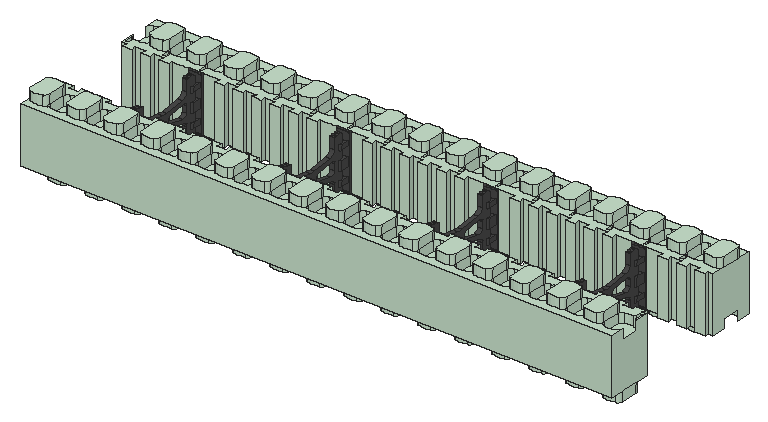
Revit family
Reference planes (in)
  plane 1 "Center (Front/Back)": y = 0
  plane 2: z = 0
  plane 3 "Center (Left/Right)": x = 0
  plane 4: y = 2.625
  plane 5: x = 32
  plane 6: z = 3
  plane 7: y = 6.625
  plane 8: y = 9.25
Forms (in)
  Extrusion 1, solid, material "NUDURA Expanded Polystyrene Foam Insulation"
    sketch origin (0, 0, 0) x (1, 0, 0) y (0, 1, 0)
      loop
        line (0, 2.375) -> (0, 0) -> (32, 0) -> (32, 2.375) -> (31.71883, 2.375) -> (31.78117, 2.625) -> (31.21883, 2.625) -> (31.28117, 2.375) -> (30.71883, 2.375) -> (30.78117, 2.625) -> (30.21883, 2.625) -> (30.28117, 2.375) -> (29.71883, 2.375) -> (29.78117, 2.625) -> (29.21883, 2.625) -> (29.28117, 2.375) -> (26.71883, 2.375) -> (26.78117, 2.625) -> (26.21883, 2.625) -> (26.28117, 2.375) -> (25.71883, 2.375) -> (25.78117, 2.625) -> (25.21883, 2.625) -> (25.28117, 2.375) -> (24.71883, 2.375) -> (24.78117, 2.625) -> (24.21883, 2.625) -> (24.28117, 2.375) -> (23.71883, 2.375) -> (23.78117, 2.625) -> (23.21883, 2.625) -> (23.28117, 2.375) -> (22.71883, 2.375) -> (22.78117, 2.625) -> (22.21883, 2.625) -> (22.28117, 2.375) -> (21.71883, 2.375) -> (21.78117, 2.625) -> (21.21883, 2.625) -> (21.28117, 2.375) -> (18.71883, 2.375) -> (18.78117, 2.625) -> (18.21883, 2.625) -> (18.28117, 2.375) -> (17.71883, 2.375) -> (17.78117, 2.625) -> (17.21883, 2.625) -> (17.28117, 2.375) -> (16.71883, 2.375) -> (16.78117, 2.625) -> (16.21883, 2.625) -> (16.28117, 2.375) -> (15.71883, 2.375) -> (15.78117, 2.625) -> (15.21883, 2.625) -> (15.28117, 2.375) -> (14.71883, 2.375) -> (14.78117, 2.625) -> (14.21883, 2.625) -> (14.28117, 2.375) -> (13.71883, 2.375) -> (13.78117, 2.625) -> (13.21883, 2.625) -> (13.28117, 2.375) -> (10.71883, 2.375) -> (10.78117, 2.625) -> (10.21883, 2.625) -> (10.28117, 2.375) -> (9.71883, 2.375) -> (9.78117, 2.625) -> (9.21883, 2.625) -> (9.28117, 2.375) -> (8.71883, 2.375) -> (8.78117, 2.625) -> (8.21883, 2.625) -> (8.28117, 2.375) -> (7.71883, 2.375) -> (7.78117, 2.625) -> (7.21883, 2.625) -> (7.28117, 2.375) -> (6.71883, 2.375) -> (6.78117, 2.625) -> (6.21883, 2.625) -> (6.28117, 2.375) -> (5.71883, 2.375) -> (5.78117, 2.625) -> (5.21883, 2.625) -> (5.28117, 2.375) -> (2.71883, 2.375) -> (2.78117, 2.625) -> (2.21883, 2.625) -> (2.28117, 2.375) -> (1.71883, 2.375) -> (1.78117, 2.625) -> (1.21883, 2.625) -> (1.28117, 2.375) -> (0.71883, 2.375) -> (0.78117, 2.625) -> (0.21883, 2.625) -> (0.28117, 2.375) -> (0, 2.375)
      loop
        line (0, 6.875) -> (0.28117, 6.875) -> (0.21883, 6.625) -> (0.78117, 6.625) -> (0.71883, 6.875) -> (1.28117, 6.875) -> (1.21883, 6.625) -> (1.78117, 6.625) -> (1.71883, 6.875) -> (2.28117, 6.875) -> (2.21883, 6.625) -> (2.78117, 6.625) -> (2.71883, 6.875) -> (5.28117, 6.875) -> (5.21883, 6.625) -> (5.78117, 6.625) -> (5.71883, 6.875) -> (6.28117, 6.875) -> (6.21883, 6.625) -> (6.78117, 6.625) -> (6.71883, 6.875) -> (7.28117, 6.875) -> (7.21883, 6.625) -> (7.78117, 6.625) -> (7.71883, 6.875) -> (8.28117, 6.875) -> (8.21883, 6.625) -> (8.78117, 6.625) -> (8.71883, 6.875) -> (9.28117, 6.875) -> (9.21883, 6.625) -> (9.78117, 6.625) -> (9.71883, 6.875) -> (10.28117, 6.875) -> (10.21883, 6.625) -> (10.78117, 6.625) -> (10.71883, 6.875) -> (13.28117, 6.875) -> (13.21883, 6.625) -> (13.78117, 6.625) -> (13.71883, 6.875) -> (14.28117, 6.875) -> (14.21883, 6.625) -> (14.78117, 6.625) -> (14.71883, 6.875) -> (15.28117, 6.875) -> (15.21883, 6.625) -> (15.78117, 6.625) -> (15.71883, 6.875) -> (16.28117, 6.875) -> (16.21883, 6.625) -> (16.78117, 6.625) -> (16.71883, 6.875) -> (17.28117, 6.875) -> (17.21883, 6.625) -> (17.78117, 6.625) -> (17.71883, 6.875) -> (18.28117, 6.875) -> (18.21883, 6.625) -> (18.78117, 6.625) -> (18.71883, 6.875) -> (21.28117, 6.875) -> (21.21883, 6.625) -> (21.78117, 6.625) -> (21.71883, 6.875) -> (22.28117, 6.875) -> (22.21883, 6.625) -> (22.78117, 6.625) -> (22.71883, 6.875) -> (23.28117, 6.875) -> (23.21883, 6.625) -> (23.78117, 6.625) -> (23.71883, 6.875) -> (24.28117, 6.875) -> (24.21883, 6.625) -> (24.78117, 6.625) -> (24.71883, 6.875) -> (25.28117, 6.875) -> (25.21883, 6.625) -> (25.78117, 6.625) -> (25.71883, 6.875) -> (26.28117, 6.875) -> (26.21883, 6.625) -> (26.78117, 6.625) -> (26.71883, 6.875) -> (29.28117, 6.875) -> (29.21883, 6.625) -> (29.78117, 6.625) -> (29.71883, 6.875) -> (30.28117, 6.875) -> (30.21883, 6.625) -> (30.78117, 6.625) -> (30.71883, 6.875) -> (31.28117, 6.875) -> (31.21883, 6.625) -> (31.78117, 6.625) -> (31.71883, 6.875) -> (32, 6.875) -> (32, 9.25) -> (0, 9.25) -> (0, 6.875)
    from 0 to 3
  Extrusion 2, void
    sketch origin (0, 0, 0) x (1, 0, 0) y (0, 1, 0)
      loop
        line (1.74592, 2.20655) -> (1.74592, 1.98495)
        arc (1.74592, 1.98495) -> (1.72385, 1.93729) -> (1.67323, 1.92328) r 0.0625
        arc (1.67323, 1.92328) -> (1.42092, 1.93455) -> (1.17308, 1.88595) r 1.0625
        arc (1.17308, 1.88595) -> (1.04785, 1.79517) -> (1, 1.64808) r 0.25
        line (1, 1.64808) -> (1, 0.72692)
        arc (1, 0.72692) -> (1.04785, 0.57983) -> (1.17308, 0.48905) r 0.25
        arc (1.17308, 0.48905) -> (1.5, 0.4375) -> (1.82692, 0.48905) r 1.0625
        arc (1.82692, 0.48905) -> (1.95215, 0.57983) -> (2, 0.72692) r 0.25
        line (2, 0.72692) -> (2, 1.64808)
        arc (2, 1.64808) -> (1.98276, 1.73932) -> (1.9334, 1.81798) r 0.25
        arc (1.9334, 1.81798) -> (1.92106, 1.83764) -> (1.91675, 1.86045) r 0.0625
        line (1.91675, 1.86045) -> (1.91675, 2.20655) -> (1.74592, 2.20655)
    from 3 to 2.5
  Extrusion 3, void
    sketch origin (2, 0, 0) x (1, 0, 0) y (0, 1, 0)
      loop
        line (1.74592, 2.20655) -> (1.74592, 1.98495)
        arc (1.74592, 1.98495) -> (1.72385, 1.93729) -> (1.67323, 1.92328) r 0.0625
        arc (1.67323, 1.92328) -> (1.42092, 1.93455) -> (1.17308, 1.88595) r 1.0625
        arc (1.17308, 1.88595) -> (1.04785, 1.79517) -> (1, 1.64808) r 0.25
        line (1, 1.64808) -> (1, 0.72692)
        arc (1, 0.72692) -> (1.04785, 0.57983) -> (1.17308, 0.48905) r 0.25
        arc (1.17308, 0.48905) -> (1.5, 0.4375) -> (1.82692, 0.48905) r 1.0625
        arc (1.82692, 0.48905) -> (1.95215, 0.57983) -> (2, 0.72692) r 0.25
        line (2, 0.72692) -> (2, 1.64808)
        arc (2, 1.64808) -> (1.98276, 1.73932) -> (1.9334, 1.81798) r 0.25
        arc (1.9334, 1.81798) -> (1.92106, 1.83764) -> (1.91675, 1.86045) r 0.0625
        line (1.91675, 1.86045) -> (1.91675, 2.20655) -> (1.74592, 2.20655)
    from 3 to 2.5
  Extrusion 4, void
    sketch origin (4, 0, 0) x (1, 0, 0) y (0, 1, 0)
      loop
        line (1.74592, 2.20655) -> (1.74592, 1.98495)
        arc (1.74592, 1.98495) -> (1.72385, 1.93729) -> (1.67323, 1.92328) r 0.0625
        arc (1.67323, 1.92328) -> (1.42092, 1.93455) -> (1.17308, 1.88595) r 1.0625
        arc (1.17308, 1.88595) -> (1.04785, 1.79517) -> (1, 1.64808) r 0.25
        line (1, 1.64808) -> (1, 0.72692)
        arc (1, 0.72692) -> (1.04785, 0.57983) -> (1.17308, 0.48905) r 0.25
        arc (1.17308, 0.48905) -> (1.5, 0.4375) -> (1.82692, 0.48905) r 1.0625
        arc (1.82692, 0.48905) -> (1.95215, 0.57983) -> (2, 0.72692) r 0.25
        line (2, 0.72692) -> (2, 1.64808)
        arc (2, 1.64808) -> (1.98276, 1.73932) -> (1.9334, 1.81798) r 0.25
        arc (1.9334, 1.81798) -> (1.92106, 1.83764) -> (1.91675, 1.86045) r 0.0625
        line (1.91675, 1.86045) -> (1.91675, 2.20655) -> (1.74592, 2.20655)
    from 3 to 2.5
  Extrusion 5, void
    sketch origin (6, 0, 0) x (1, 0, 0) y (0, 1, 0)
      loop
        line (1.74592, 2.20655) -> (1.74592, 1.98495)
        arc (1.74592, 1.98495) -> (1.72385, 1.93729) -> (1.67323, 1.92328) r 0.0625
        arc (1.67323, 1.92328) -> (1.42092, 1.93455) -> (1.17308, 1.88595) r 1.0625
        arc (1.17308, 1.88595) -> (1.04785, 1.79517) -> (1, 1.64808) r 0.25
        line (1, 1.64808) -> (1, 0.72692)
        arc (1, 0.72692) -> (1.04785, 0.57983) -> (1.17308, 0.48905) r 0.25
        arc (1.17308, 0.48905) -> (1.5, 0.4375) -> (1.82692, 0.48905) r 1.0625
        arc (1.82692, 0.48905) -> (1.95215, 0.57983) -> (2, 0.72692) r 0.25
        line (2, 0.72692) -> (2, 1.64808)
        arc (2, 1.64808) -> (1.98276, 1.73932) -> (1.9334, 1.81798) r 0.25
        arc (1.9334, 1.81798) -> (1.92106, 1.83764) -> (1.91675, 1.86045) r 0.0625
        line (1.91675, 1.86045) -> (1.91675, 2.20655) -> (1.74592, 2.20655)
    from 3 to 2.5
  Extrusion 6, void
    sketch origin (8, 0, 0) x (1, 0, 0) y (0, 1, 0)
      loop
        line (1.74592, 2.20655) -> (1.74592, 1.98495)
        arc (1.74592, 1.98495) -> (1.72385, 1.93729) -> (1.67323, 1.92328) r 0.0625
        arc (1.67323, 1.92328) -> (1.42092, 1.93455) -> (1.17308, 1.88595) r 1.0625
        arc (1.17308, 1.88595) -> (1.04785, 1.79517) -> (1, 1.64808) r 0.25
        line (1, 1.64808) -> (1, 0.72692)
        arc (1, 0.72692) -> (1.04785, 0.57983) -> (1.17308, 0.48905) r 0.25
        arc (1.17308, 0.48905) -> (1.5, 0.4375) -> (1.82692, 0.48905) r 1.0625
        arc (1.82692, 0.48905) -> (1.95215, 0.57983) -> (2, 0.72692) r 0.25
        line (2, 0.72692) -> (2, 1.64808)
        arc (2, 1.64808) -> (1.98276, 1.73932) -> (1.9334, 1.81798) r 0.25
        arc (1.9334, 1.81798) -> (1.92106, 1.83764) -> (1.91675, 1.86045) r 0.0625
        line (1.91675, 1.86045) -> (1.91675, 2.20655) -> (1.74592, 2.20655)
    from 3 to 2.5
  Extrusion 7, void
    sketch origin (10, 0, 0) x (1, 0, 0) y (0, 1, 0)
      loop
        line (1.74592, 2.20655) -> (1.74592, 1.98495)
        arc (1.74592, 1.98495) -> (1.72385, 1.93729) -> (1.67323, 1.92328) r 0.0625
        arc (1.67323, 1.92328) -> (1.42092, 1.93455) -> (1.17308, 1.88595) r 1.0625
        arc (1.17308, 1.88595) -> (1.04785, 1.79517) -> (1, 1.64808) r 0.25
        line (1, 1.64808) -> (1, 0.72692)
        arc (1, 0.72692) -> (1.04785, 0.57983) -> (1.17308, 0.48905) r 0.25
        arc (1.17308, 0.48905) -> (1.5, 0.4375) -> (1.82692, 0.48905) r 1.0625
        arc (1.82692, 0.48905) -> (1.95215, 0.57983) -> (2, 0.72692) r 0.25
        line (2, 0.72692) -> (2, 1.64808)
        arc (2, 1.64808) -> (1.98276, 1.73932) -> (1.9334, 1.81798) r 0.25
        arc (1.9334, 1.81798) -> (1.92106, 1.83764) -> (1.91675, 1.86045) r 0.0625
        line (1.91675, 1.86045) -> (1.91675, 2.20655) -> (1.74592, 2.20655)
    from 3 to 2.5
  Extrusion 8, void
    sketch origin (12, 0, 0) x (1, 0, 0) y (0, 1, 0)
      loop
        line (1.74592, 2.20655) -> (1.74592, 1.98495)
        arc (1.74592, 1.98495) -> (1.72385, 1.93729) -> (1.67323, 1.92328) r 0.0625
        arc (1.67323, 1.92328) -> (1.42092, 1.93455) -> (1.17308, 1.88595) r 1.0625
        arc (1.17308, 1.88595) -> (1.04785, 1.79517) -> (1, 1.64808) r 0.25
        line (1, 1.64808) -> (1, 0.72692)
        arc (1, 0.72692) -> (1.04785, 0.57983) -> (1.17308, 0.48905) r 0.25
        arc (1.17308, 0.48905) -> (1.5, 0.4375) -> (1.82692, 0.48905) r 1.0625
        arc (1.82692, 0.48905) -> (1.95215, 0.57983) -> (2, 0.72692) r 0.25
        line (2, 0.72692) -> (2, 1.64808)
        arc (2, 1.64808) -> (1.98276, 1.73932) -> (1.9334, 1.81798) r 0.25
        arc (1.9334, 1.81798) -> (1.92106, 1.83764) -> (1.91675, 1.86045) r 0.0625
        line (1.91675, 1.86045) -> (1.91675, 2.20655) -> (1.74592, 2.20655)
    from 3 to 2.5
  Extrusion 9, void
    sketch origin (14, 0, 0) x (1, 0, 0) y (0, 1, 0)
      loop
        line (1.74592, 2.20655) -> (1.74592, 1.98495)
        arc (1.74592, 1.98495) -> (1.72385, 1.93729) -> (1.67323, 1.92328) r 0.0625
        arc (1.67323, 1.92328) -> (1.42092, 1.93455) -> (1.17308, 1.88595) r 1.0625
        arc (1.17308, 1.88595) -> (1.04785, 1.79517) -> (1, 1.64808) r 0.25
        line (1, 1.64808) -> (1, 0.72692)
        arc (1, 0.72692) -> (1.04785, 0.57983) -> (1.17308, 0.48905) r 0.25
        arc (1.17308, 0.48905) -> (1.5, 0.4375) -> (1.82692, 0.48905) r 1.0625
        arc (1.82692, 0.48905) -> (1.95215, 0.57983) -> (2, 0.72692) r 0.25
        line (2, 0.72692) -> (2, 1.64808)
        arc (2, 1.64808) -> (1.98276, 1.73932) -> (1.9334, 1.81798) r 0.25
        arc (1.9334, 1.81798) -> (1.92106, 1.83764) -> (1.91675, 1.86045) r 0.0625
        line (1.91675, 1.86045) -> (1.91675, 2.20655) -> (1.74592, 2.20655)
    from 3 to 2.5
  Extrusion 10, void
    sketch origin (16, 0, 0) x (1, 0, 0) y (0, 1, 0)
      loop
        line (1.74592, 2.20655) -> (1.74592, 1.98495)
        arc (1.74592, 1.98495) -> (1.72385, 1.93729) -> (1.67323, 1.92328) r 0.0625
        arc (1.67323, 1.92328) -> (1.42092, 1.93455) -> (1.17308, 1.88595) r 1.0625
        arc (1.17308, 1.88595) -> (1.04785, 1.79517) -> (1, 1.64808) r 0.25
        line (1, 1.64808) -> (1, 0.72692)
        arc (1, 0.72692) -> (1.04785, 0.57983) -> (1.17308, 0.48905) r 0.25
        arc (1.17308, 0.48905) -> (1.5, 0.4375) -> (1.82692, 0.48905) r 1.0625
        arc (1.82692, 0.48905) -> (1.95215, 0.57983) -> (2, 0.72692) r 0.25
        line (2, 0.72692) -> (2, 1.64808)
        arc (2, 1.64808) -> (1.98276, 1.73932) -> (1.9334, 1.81798) r 0.25
        arc (1.9334, 1.81798) -> (1.92106, 1.83764) -> (1.91675, 1.86045) r 0.0625
        line (1.91675, 1.86045) -> (1.91675, 2.20655) -> (1.74592, 2.20655)
    from 3 to 2.5
  Extrusion 11, void
    sketch origin (18, 0, 0) x (1, 0, 0) y (0, 1, 0)
      loop
        line (1.74592, 2.20655) -> (1.74592, 1.98495)
        arc (1.74592, 1.98495) -> (1.72385, 1.93729) -> (1.67323, 1.92328) r 0.0625
        arc (1.67323, 1.92328) -> (1.42092, 1.93455) -> (1.17308, 1.88595) r 1.0625
        arc (1.17308, 1.88595) -> (1.04785, 1.79517) -> (1, 1.64808) r 0.25
        line (1, 1.64808) -> (1, 0.72692)
        arc (1, 0.72692) -> (1.04785, 0.57983) -> (1.17308, 0.48905) r 0.25
        arc (1.17308, 0.48905) -> (1.5, 0.4375) -> (1.82692, 0.48905) r 1.0625
        arc (1.82692, 0.48905) -> (1.95215, 0.57983) -> (2, 0.72692) r 0.25
        line (2, 0.72692) -> (2, 1.64808)
        arc (2, 1.64808) -> (1.98276, 1.73932) -> (1.9334, 1.81798) r 0.25
        arc (1.9334, 1.81798) -> (1.92106, 1.83764) -> (1.91675, 1.86045) r 0.0625
        line (1.91675, 1.86045) -> (1.91675, 2.20655) -> (1.74592, 2.20655)
    from 3 to 2.5
  Extrusion 12, void
    sketch origin (20, 0, 0) x (1, 0, 0) y (0, 1, 0)
      loop
        line (1.74592, 2.20655) -> (1.74592, 1.98495)
        arc (1.74592, 1.98495) -> (1.72385, 1.93729) -> (1.67323, 1.92328) r 0.0625
        arc (1.67323, 1.92328) -> (1.42092, 1.93455) -> (1.17308, 1.88595) r 1.0625
        arc (1.17308, 1.88595) -> (1.04785, 1.79517) -> (1, 1.64808) r 0.25
        line (1, 1.64808) -> (1, 0.72692)
        arc (1, 0.72692) -> (1.04785, 0.57983) -> (1.17308, 0.48905) r 0.25
        arc (1.17308, 0.48905) -> (1.5, 0.4375) -> (1.82692, 0.48905) r 1.0625
        arc (1.82692, 0.48905) -> (1.95215, 0.57983) -> (2, 0.72692) r 0.25
        line (2, 0.72692) -> (2, 1.64808)
        arc (2, 1.64808) -> (1.98276, 1.73932) -> (1.9334, 1.81798) r 0.25
        arc (1.9334, 1.81798) -> (1.92106, 1.83764) -> (1.91675, 1.86045) r 0.0625
        line (1.91675, 1.86045) -> (1.91675, 2.20655) -> (1.74592, 2.20655)
    from 3 to 2.5
  Extrusion 13, void
    sketch origin (22, 0, 0) x (1, 0, 0) y (0, 1, 0)
      loop
        line (1.74592, 2.20655) -> (1.74592, 1.98495)
        arc (1.74592, 1.98495) -> (1.72385, 1.93729) -> (1.67323, 1.92328) r 0.0625
        arc (1.67323, 1.92328) -> (1.42092, 1.93455) -> (1.17308, 1.88595) r 1.0625
        arc (1.17308, 1.88595) -> (1.04785, 1.79517) -> (1, 1.64808) r 0.25
        line (1, 1.64808) -> (1, 0.72692)
        arc (1, 0.72692) -> (1.04785, 0.57983) -> (1.17308, 0.48905) r 0.25
        arc (1.17308, 0.48905) -> (1.5, 0.4375) -> (1.82692, 0.48905) r 1.0625
        arc (1.82692, 0.48905) -> (1.95215, 0.57983) -> (2, 0.72692) r 0.25
        line (2, 0.72692) -> (2, 1.64808)
        arc (2, 1.64808) -> (1.98276, 1.73932) -> (1.9334, 1.81798) r 0.25
        arc (1.9334, 1.81798) -> (1.92106, 1.83764) -> (1.91675, 1.86045) r 0.0625
        line (1.91675, 1.86045) -> (1.91675, 2.20655) -> (1.74592, 2.20655)
    from 3 to 2.5
  Extrusion 14, void
    sketch origin (24, 0, 0) x (1, 0, 0) y (0, 1, 0)
      loop
        line (1.74592, 2.20655) -> (1.74592, 1.98495)
        arc (1.74592, 1.98495) -> (1.72385, 1.93729) -> (1.67323, 1.92328) r 0.0625
        arc (1.67323, 1.92328) -> (1.42092, 1.93455) -> (1.17308, 1.88595) r 1.0625
        arc (1.17308, 1.88595) -> (1.04785, 1.79517) -> (1, 1.64808) r 0.25
        line (1, 1.64808) -> (1, 0.72692)
        arc (1, 0.72692) -> (1.04785, 0.57983) -> (1.17308, 0.48905) r 0.25
        arc (1.17308, 0.48905) -> (1.5, 0.4375) -> (1.82692, 0.48905) r 1.0625
        arc (1.82692, 0.48905) -> (1.95215, 0.57983) -> (2, 0.72692) r 0.25
        line (2, 0.72692) -> (2, 1.64808)
        arc (2, 1.64808) -> (1.98276, 1.73932) -> (1.9334, 1.81798) r 0.25
        arc (1.9334, 1.81798) -> (1.92106, 1.83764) -> (1.91675, 1.86045) r 0.0625
        line (1.91675, 1.86045) -> (1.91675, 2.20655) -> (1.74592, 2.20655)
    from 3 to 2.5
  Extrusion 15, void
    sketch origin (26, 0, 0) x (1, 0, 0) y (0, 1, 0)
      loop
        line (1.74592, 2.20655) -> (1.74592, 1.98495)
        arc (1.74592, 1.98495) -> (1.72385, 1.93729) -> (1.67323, 1.92328) r 0.0625
        arc (1.67323, 1.92328) -> (1.42092, 1.93455) -> (1.17308, 1.88595) r 1.0625
        arc (1.17308, 1.88595) -> (1.04785, 1.79517) -> (1, 1.64808) r 0.25
        line (1, 1.64808) -> (1, 0.72692)
        arc (1, 0.72692) -> (1.04785, 0.57983) -> (1.17308, 0.48905) r 0.25
        arc (1.17308, 0.48905) -> (1.5, 0.4375) -> (1.82692, 0.48905) r 1.0625
        arc (1.82692, 0.48905) -> (1.95215, 0.57983) -> (2, 0.72692) r 0.25
        line (2, 0.72692) -> (2, 1.64808)
        arc (2, 1.64808) -> (1.98276, 1.73932) -> (1.9334, 1.81798) r 0.25
        arc (1.9334, 1.81798) -> (1.92106, 1.83764) -> (1.91675, 1.86045) r 0.0625
        line (1.91675, 1.86045) -> (1.91675, 2.20655) -> (1.74592, 2.20655)
    from 3 to 2.5
  Extrusion 16, void
    sketch origin (28, 0, 0) x (1, 0, 0) y (0, 1, 0)
      loop
        line (1.74592, 2.20655) -> (1.74592, 1.98495)
        arc (1.74592, 1.98495) -> (1.72385, 1.93729) -> (1.67323, 1.92328) r 0.0625
        arc (1.67323, 1.92328) -> (1.42092, 1.93455) -> (1.17308, 1.88595) r 1.0625
        arc (1.17308, 1.88595) -> (1.04785, 1.79517) -> (1, 1.64808) r 0.25
        line (1, 1.64808) -> (1, 0.72692)
        arc (1, 0.72692) -> (1.04785, 0.57983) -> (1.17308, 0.48905) r 0.25
        arc (1.17308, 0.48905) -> (1.5, 0.4375) -> (1.82692, 0.48905) r 1.0625
        arc (1.82692, 0.48905) -> (1.95215, 0.57983) -> (2, 0.72692) r 0.25
        line (2, 0.72692) -> (2, 1.64808)
        arc (2, 1.64808) -> (1.98276, 1.73932) -> (1.9334, 1.81798) r 0.25
        arc (1.9334, 1.81798) -> (1.92106, 1.83764) -> (1.91675, 1.86045) r 0.0625
        line (1.91675, 1.86045) -> (1.91675, 2.20655) -> (1.74592, 2.20655)
    from 3 to 2.5
  Extrusion 17, void
    sketch origin (30, 0, 0) x (1, 0, 0) y (0, 1, 0)
      loop
        line (1.74592, 2.20655) -> (1.74592, 1.98495)
        arc (1.74592, 1.98495) -> (1.72385, 1.93729) -> (1.67323, 1.92328) r 0.0625
        arc (1.67323, 1.92328) -> (1.42092, 1.93455) -> (1.17308, 1.88595) r 1.0625
        arc (1.17308, 1.88595) -> (1.04785, 1.79517) -> (1, 1.64808) r 0.25
        line (1, 1.64808) -> (1, 0.72692)
        arc (1, 0.72692) -> (1.04785, 0.57983) -> (1.17308, 0.48905) r 0.25
        arc (1.17308, 0.48905) -> (1.5, 0.4375) -> (1.82692, 0.48905) r 1.0625
        arc (1.82692, 0.48905) -> (1.95215, 0.57983) -> (2, 0.72692) r 0.25
        line (2, 0.72692) -> (2, 1.64808)
        arc (2, 1.64808) -> (1.98276, 1.73932) -> (1.9334, 1.81798) r 0.25
        arc (1.9334, 1.81798) -> (1.92106, 1.83764) -> (1.91675, 1.86045) r 0.0625
        line (1.91675, 1.86045) -> (1.91675, 2.20655) -> (1.74592, 2.20655)
    from 3 to 2.5
  Extrusion 18, void
    sketch origin (0, 0, 0) x (1, 0, 0) y (0, 1, 0)
      loop
        line (0.25408, 2.20655) -> (0.08325, 2.20655) -> (0.08325, 1.86045)
        arc (0.08325, 1.86045) -> (0.07894, 1.83764) -> (0.0666, 1.81798) r 0.0625
        arc (0.0666, 1.81798) -> (0.01724, 1.73932) -> (0, 1.64808) r 0.25
        line (0, 1.64808) -> (0, 0.72692)
        arc (0, 0.72692) -> (0.04785, 0.57983) -> (0.17308, 0.48905) r 0.25
        arc (0.17308, 0.48905) -> (0.5, 0.4375) -> (0.82692, 0.48905) r 1.0625
        arc (0.82692, 0.48905) -> (0.95215, 0.57983) -> (1, 0.72692) r 0.25
        line (1, 0.72692) -> (1, 1.64808)
        arc (1, 1.64808) -> (0.95215, 1.79517) -> (0.82692, 1.88595) r 0.25
        arc (0.82692, 1.88595) -> (0.57908, 1.93455) -> (0.32677, 1.92328) r 1.0625
        arc (0.32677, 1.92328) -> (0.27615, 1.93729) -> (0.25408, 1.98495) r 0.0625
        line (0.25408, 1.98495) -> (0.25408, 2.20655)
    from 0 to 0.5
  Extrusion 19, void
    sketch origin (2, 0, 0) x (1, 0, 0) y (0, 1, 0)
      loop
        line (0.25408, 2.20655) -> (0.08325, 2.20655) -> (0.08325, 1.86045)
        arc (0.08325, 1.86045) -> (0.07894, 1.83764) -> (0.0666, 1.81798) r 0.0625
        arc (0.0666, 1.81798) -> (0.01724, 1.73932) -> (0, 1.64808) r 0.25
        line (0, 1.64808) -> (0, 0.72692)
        arc (0, 0.72692) -> (0.04785, 0.57983) -> (0.17308, 0.48905) r 0.25
        arc (0.17308, 0.48905) -> (0.5, 0.4375) -> (0.82692, 0.48905) r 1.0625
        arc (0.82692, 0.48905) -> (0.95215, 0.57983) -> (1, 0.72692) r 0.25
        line (1, 0.72692) -> (1, 1.64808)
        arc (1, 1.64808) -> (0.95215, 1.79517) -> (0.82692, 1.88595) r 0.25
        arc (0.82692, 1.88595) -> (0.57908, 1.93455) -> (0.32677, 1.92328) r 1.0625
        arc (0.32677, 1.92328) -> (0.27615, 1.93729) -> (0.25408, 1.98495) r 0.0625
        line (0.25408, 1.98495) -> (0.25408, 2.20655)
    from 0 to 0.5
  Extrusion 20, void
    sketch origin (4, 0, 0) x (1, 0, 0) y (0, 1, 0)
      loop
        line (0.25408, 2.20655) -> (0.08325, 2.20655) -> (0.08325, 1.86045)
        arc (0.08325, 1.86045) -> (0.07894, 1.83764) -> (0.0666, 1.81798) r 0.0625
        arc (0.0666, 1.81798) -> (0.01724, 1.73932) -> (0, 1.64808) r 0.25
        line (0, 1.64808) -> (0, 0.72692)
        arc (0, 0.72692) -> (0.04785, 0.57983) -> (0.17308, 0.48905) r 0.25
        arc (0.17308, 0.48905) -> (0.5, 0.4375) -> (0.82692, 0.48905) r 1.0625
        arc (0.82692, 0.48905) -> (0.95215, 0.57983) -> (1, 0.72692) r 0.25
        line (1, 0.72692) -> (1, 1.64808)
        arc (1, 1.64808) -> (0.95215, 1.79517) -> (0.82692, 1.88595) r 0.25
        arc (0.82692, 1.88595) -> (0.57908, 1.93455) -> (0.32677, 1.92328) r 1.0625
        arc (0.32677, 1.92328) -> (0.27615, 1.93729) -> (0.25408, 1.98495) r 0.0625
        line (0.25408, 1.98495) -> (0.25408, 2.20655)
    from 0 to 0.5
  Extrusion 21, void
    sketch origin (6, 0, 0) x (1, 0, 0) y (0, 1, 0)
      loop
        line (0.25408, 2.20655) -> (0.08325, 2.20655) -> (0.08325, 1.86045)
        arc (0.08325, 1.86045) -> (0.07894, 1.83764) -> (0.0666, 1.81798) r 0.0625
        arc (0.0666, 1.81798) -> (0.01724, 1.73932) -> (0, 1.64808) r 0.25
        line (0, 1.64808) -> (0, 0.72692)
        arc (0, 0.72692) -> (0.04785, 0.57983) -> (0.17308, 0.48905) r 0.25
        arc (0.17308, 0.48905) -> (0.5, 0.4375) -> (0.82692, 0.48905) r 1.0625
        arc (0.82692, 0.48905) -> (0.95215, 0.57983) -> (1, 0.72692) r 0.25
        line (1, 0.72692) -> (1, 1.64808)
        arc (1, 1.64808) -> (0.95215, 1.79517) -> (0.82692, 1.88595) r 0.25
        arc (0.82692, 1.88595) -> (0.57908, 1.93455) -> (0.32677, 1.92328) r 1.0625
        arc (0.32677, 1.92328) -> (0.27615, 1.93729) -> (0.25408, 1.98495) r 0.0625
        line (0.25408, 1.98495) -> (0.25408, 2.20655)
    from 0 to 0.5
  Extrusion 22, void
    sketch origin (8, 0, 0) x (1, 0, 0) y (0, 1, 0)
      loop
        line (0.25408, 2.20655) -> (0.08325, 2.20655) -> (0.08325, 1.86045)
        arc (0.08325, 1.86045) -> (0.07894, 1.83764) -> (0.0666, 1.81798) r 0.0625
        arc (0.0666, 1.81798) -> (0.01724, 1.73932) -> (0, 1.64808) r 0.25
        line (0, 1.64808) -> (0, 0.72692)
        arc (0, 0.72692) -> (0.04785, 0.57983) -> (0.17308, 0.48905) r 0.25
        arc (0.17308, 0.48905) -> (0.5, 0.4375) -> (0.82692, 0.48905) r 1.0625
        arc (0.82692, 0.48905) -> (0.95215, 0.57983) -> (1, 0.72692) r 0.25
        line (1, 0.72692) -> (1, 1.64808)
        arc (1, 1.64808) -> (0.95215, 1.79517) -> (0.82692, 1.88595) r 0.25
        arc (0.82692, 1.88595) -> (0.57908, 1.93455) -> (0.32677, 1.92328) r 1.0625
        arc (0.32677, 1.92328) -> (0.27615, 1.93729) -> (0.25408, 1.98495) r 0.0625
        line (0.25408, 1.98495) -> (0.25408, 2.20655)
    from 0 to 0.5
  Extrusion 23, void
    sketch origin (10, 0, 0) x (1, 0, 0) y (0, 1, 0)
      loop
        line (0.25408, 2.20655) -> (0.08325, 2.20655) -> (0.08325, 1.86045)
        arc (0.08325, 1.86045) -> (0.07894, 1.83764) -> (0.0666, 1.81798) r 0.0625
        arc (0.0666, 1.81798) -> (0.01724, 1.73932) -> (0, 1.64808) r 0.25
        line (0, 1.64808) -> (0, 0.72692)
        arc (0, 0.72692) -> (0.04785, 0.57983) -> (0.17308, 0.48905) r 0.25
        arc (0.17308, 0.48905) -> (0.5, 0.4375) -> (0.82692, 0.48905) r 1.0625
        arc (0.82692, 0.48905) -> (0.95215, 0.57983) -> (1, 0.72692) r 0.25
        line (1, 0.72692) -> (1, 1.64808)
        arc (1, 1.64808) -> (0.95215, 1.79517) -> (0.82692, 1.88595) r 0.25
        arc (0.82692, 1.88595) -> (0.57908, 1.93455) -> (0.32677, 1.92328) r 1.0625
        arc (0.32677, 1.92328) -> (0.27615, 1.93729) -> (0.25408, 1.98495) r 0.0625
        line (0.25408, 1.98495) -> (0.25408, 2.20655)
    from 0 to 0.5
  Extrusion 24, void
    sketch origin (12, 0, 0) x (1, 0, 0) y (0, 1, 0)
      loop
        line (0.25408, 2.20655) -> (0.08325, 2.20655) -> (0.08325, 1.86045)
        arc (0.08325, 1.86045) -> (0.07894, 1.83764) -> (0.0666, 1.81798) r 0.0625
        arc (0.0666, 1.81798) -> (0.01724, 1.73932) -> (0, 1.64808) r 0.25
        line (0, 1.64808) -> (0, 0.72692)
        arc (0, 0.72692) -> (0.04785, 0.57983) -> (0.17308, 0.48905) r 0.25
        arc (0.17308, 0.48905) -> (0.5, 0.4375) -> (0.82692, 0.48905) r 1.0625
        arc (0.82692, 0.48905) -> (0.95215, 0.57983) -> (1, 0.72692) r 0.25
        line (1, 0.72692) -> (1, 1.64808)
        arc (1, 1.64808) -> (0.95215, 1.79517) -> (0.82692, 1.88595) r 0.25
        arc (0.82692, 1.88595) -> (0.57908, 1.93455) -> (0.32677, 1.92328) r 1.0625
        arc (0.32677, 1.92328) -> (0.27615, 1.93729) -> (0.25408, 1.98495) r 0.0625
        line (0.25408, 1.98495) -> (0.25408, 2.20655)
    from 0 to 0.5
  Extrusion 25, void
    sketch origin (14, 0, 0) x (1, 0, 0) y (0, 1, 0)
      loop
        line (0.25408, 2.20655) -> (0.08325, 2.20655) -> (0.08325, 1.86045)
        arc (0.08325, 1.86045) -> (0.07894, 1.83764) -> (0.0666, 1.81798) r 0.0625
        arc (0.0666, 1.81798) -> (0.01724, 1.73932) -> (0, 1.64808) r 0.25
        line (0, 1.64808) -> (0, 0.72692)
        arc (0, 0.72692) -> (0.04785, 0.57983) -> (0.17308, 0.48905) r 0.25
        arc (0.17308, 0.48905) -> (0.5, 0.4375) -> (0.82692, 0.48905) r 1.0625
        arc (0.82692, 0.48905) -> (0.95215, 0.57983) -> (1, 0.72692) r 0.25
        line (1, 0.72692) -> (1, 1.64808)
        arc (1, 1.64808) -> (0.95215, 1.79517) -> (0.82692, 1.88595) r 0.25
        arc (0.82692, 1.88595) -> (0.57908, 1.93455) -> (0.32677, 1.92328) r 1.0625
        arc (0.32677, 1.92328) -> (0.27615, 1.93729) -> (0.25408, 1.98495) r 0.0625
        line (0.25408, 1.98495) -> (0.25408, 2.20655)
    from 0 to 0.5
  Extrusion 26, void
    sketch origin (16, 0, 0) x (1, 0, 0) y (0, 1, 0)
      loop
        line (0.25408, 2.20655) -> (0.08325, 2.20655) -> (0.08325, 1.86045)
        arc (0.08325, 1.86045) -> (0.07894, 1.83764) -> (0.0666, 1.81798) r 0.0625
        arc (0.0666, 1.81798) -> (0.01724, 1.73932) -> (0, 1.64808) r 0.25
        line (0, 1.64808) -> (0, 0.72692)
        arc (0, 0.72692) -> (0.04785, 0.57983) -> (0.17308, 0.48905) r 0.25
        arc (0.17308, 0.48905) -> (0.5, 0.4375) -> (0.82692, 0.48905) r 1.0625
        arc (0.82692, 0.48905) -> (0.95215, 0.57983) -> (1, 0.72692) r 0.25
        line (1, 0.72692) -> (1, 1.64808)
        arc (1, 1.64808) -> (0.95215, 1.79517) -> (0.82692, 1.88595) r 0.25
        arc (0.82692, 1.88595) -> (0.57908, 1.93455) -> (0.32677, 1.92328) r 1.0625
        arc (0.32677, 1.92328) -> (0.27615, 1.93729) -> (0.25408, 1.98495) r 0.0625
        line (0.25408, 1.98495) -> (0.25408, 2.20655)
    from 0 to 0.5
  Extrusion 27, void
    sketch origin (18, 0, 0) x (1, 0, 0) y (0, 1, 0)
      loop
        line (0.25408, 2.20655) -> (0.08325, 2.20655) -> (0.08325, 1.86045)
        arc (0.08325, 1.86045) -> (0.07894, 1.83764) -> (0.0666, 1.81798) r 0.0625
        arc (0.0666, 1.81798) -> (0.01724, 1.73932) -> (0, 1.64808) r 0.25
        line (0, 1.64808) -> (0, 0.72692)
        arc (0, 0.72692) -> (0.04785, 0.57983) -> (0.17308, 0.48905) r 0.25
        arc (0.17308, 0.48905) -> (0.5, 0.4375) -> (0.82692, 0.48905) r 1.0625
        arc (0.82692, 0.48905) -> (0.95215, 0.57983) -> (1, 0.72692) r 0.25
        line (1, 0.72692) -> (1, 1.64808)
        arc (1, 1.64808) -> (0.95215, 1.79517) -> (0.82692, 1.88595) r 0.25
        arc (0.82692, 1.88595) -> (0.57908, 1.93455) -> (0.32677, 1.92328) r 1.0625
        arc (0.32677, 1.92328) -> (0.27615, 1.93729) -> (0.25408, 1.98495) r 0.0625
        line (0.25408, 1.98495) -> (0.25408, 2.20655)
    from 0 to 0.5
  Extrusion 28, void
    sketch origin (20, 0, 0) x (1, 0, 0) y (0, 1, 0)
      loop
        line (0.25408, 2.20655) -> (0.08325, 2.20655) -> (0.08325, 1.86045)
        arc (0.08325, 1.86045) -> (0.07894, 1.83764) -> (0.0666, 1.81798) r 0.0625
        arc (0.0666, 1.81798) -> (0.01724, 1.73932) -> (0, 1.64808) r 0.25
        line (0, 1.64808) -> (0, 0.72692)
        arc (0, 0.72692) -> (0.04785, 0.57983) -> (0.17308, 0.48905) r 0.25
        arc (0.17308, 0.48905) -> (0.5, 0.4375) -> (0.82692, 0.48905) r 1.0625
        arc (0.82692, 0.48905) -> (0.95215, 0.57983) -> (1, 0.72692) r 0.25
        line (1, 0.72692) -> (1, 1.64808)
        arc (1, 1.64808) -> (0.95215, 1.79517) -> (0.82692, 1.88595) r 0.25
        arc (0.82692, 1.88595) -> (0.57908, 1.93455) -> (0.32677, 1.92328) r 1.0625
        arc (0.32677, 1.92328) -> (0.27615, 1.93729) -> (0.25408, 1.98495) r 0.0625
        line (0.25408, 1.98495) -> (0.25408, 2.20655)
    from 0 to 0.5
  Extrusion 29, void
    sketch origin (22, 0, 0) x (1, 0, 0) y (0, 1, 0)
      loop
        line (0.25408, 2.20655) -> (0.08325, 2.20655) -> (0.08325, 1.86045)
        arc (0.08325, 1.86045) -> (0.07894, 1.83764) -> (0.0666, 1.81798) r 0.0625
        arc (0.0666, 1.81798) -> (0.01724, 1.73932) -> (0, 1.64808) r 0.25
        line (0, 1.64808) -> (0, 0.72692)
        arc (0, 0.72692) -> (0.04785, 0.57983) -> (0.17308, 0.48905) r 0.25
        arc (0.17308, 0.48905) -> (0.5, 0.4375) -> (0.82692, 0.48905) r 1.0625
        arc (0.82692, 0.48905) -> (0.95215, 0.57983) -> (1, 0.72692) r 0.25
        line (1, 0.72692) -> (1, 1.64808)
        arc (1, 1.64808) -> (0.95215, 1.79517) -> (0.82692, 1.88595) r 0.25
        arc (0.82692, 1.88595) -> (0.57908, 1.93455) -> (0.32677, 1.92328) r 1.0625
        arc (0.32677, 1.92328) -> (0.27615, 1.93729) -> (0.25408, 1.98495) r 0.0625
        line (0.25408, 1.98495) -> (0.25408, 2.20655)
    from 0 to 0.5
  Extrusion 30, void
    sketch origin (24, 0, 0) x (1, 0, 0) y (0, 1, 0)
      loop
        line (0.25408, 2.20655) -> (0.08325, 2.20655) -> (0.08325, 1.86045)
        arc (0.08325, 1.86045) -> (0.07894, 1.83764) -> (0.0666, 1.81798) r 0.0625
        arc (0.0666, 1.81798) -> (0.01724, 1.73932) -> (0, 1.64808) r 0.25
        line (0, 1.64808) -> (0, 0.72692)
        arc (0, 0.72692) -> (0.04785, 0.57983) -> (0.17308, 0.48905) r 0.25
        arc (0.17308, 0.48905) -> (0.5, 0.4375) -> (0.82692, 0.48905) r 1.0625
        arc (0.82692, 0.48905) -> (0.95215, 0.57983) -> (1, 0.72692) r 0.25
        line (1, 0.72692) -> (1, 1.64808)
        arc (1, 1.64808) -> (0.95215, 1.79517) -> (0.82692, 1.88595) r 0.25
        arc (0.82692, 1.88595) -> (0.57908, 1.93455) -> (0.32677, 1.92328) r 1.0625
        arc (0.32677, 1.92328) -> (0.27615, 1.93729) -> (0.25408, 1.98495) r 0.0625
        line (0.25408, 1.98495) -> (0.25408, 2.20655)
    from 0 to 0.5
  Extrusion 31, void
    sketch origin (26, 0, 0) x (1, 0, 0) y (0, 1, 0)
      loop
        line (0.25408, 2.20655) -> (0.08325, 2.20655) -> (0.08325, 1.86045)
        arc (0.08325, 1.86045) -> (0.07894, 1.83764) -> (0.0666, 1.81798) r 0.0625
        arc (0.0666, 1.81798) -> (0.01724, 1.73932) -> (0, 1.64808) r 0.25
        line (0, 1.64808) -> (0, 0.72692)
        arc (0, 0.72692) -> (0.04785, 0.57983) -> (0.17308, 0.48905) r 0.25
        arc (0.17308, 0.48905) -> (0.5, 0.4375) -> (0.82692, 0.48905) r 1.0625
        arc (0.82692, 0.48905) -> (0.95215, 0.57983) -> (1, 0.72692) r 0.25
        line (1, 0.72692) -> (1, 1.64808)
        arc (1, 1.64808) -> (0.95215, 1.79517) -> (0.82692, 1.88595) r 0.25
        arc (0.82692, 1.88595) -> (0.57908, 1.93455) -> (0.32677, 1.92328) r 1.0625
        arc (0.32677, 1.92328) -> (0.27615, 1.93729) -> (0.25408, 1.98495) r 0.0625
        line (0.25408, 1.98495) -> (0.25408, 2.20655)
    from 0 to 0.5
  Extrusion 32, void
    sketch origin (28, 0, 0) x (1, 0, 0) y (0, 1, 0)
      loop
        line (0.25408, 2.20655) -> (0.08325, 2.20655) -> (0.08325, 1.86045)
        arc (0.08325, 1.86045) -> (0.07894, 1.83764) -> (0.0666, 1.81798) r 0.0625
        arc (0.0666, 1.81798) -> (0.01724, 1.73932) -> (0, 1.64808) r 0.25
        line (0, 1.64808) -> (0, 0.72692)
        arc (0, 0.72692) -> (0.04785, 0.57983) -> (0.17308, 0.48905) r 0.25
        arc (0.17308, 0.48905) -> (0.5, 0.4375) -> (0.82692, 0.48905) r 1.0625
        arc (0.82692, 0.48905) -> (0.95215, 0.57983) -> (1, 0.72692) r 0.25
        line (1, 0.72692) -> (1, 1.64808)
        arc (1, 1.64808) -> (0.95215, 1.79517) -> (0.82692, 1.88595) r 0.25
        arc (0.82692, 1.88595) -> (0.57908, 1.93455) -> (0.32677, 1.92328) r 1.0625
        arc (0.32677, 1.92328) -> (0.27615, 1.93729) -> (0.25408, 1.98495) r 0.0625
        line (0.25408, 1.98495) -> (0.25408, 2.20655)
    from 0 to 0.5
  Extrusion 33, void
    sketch origin (30, 0, 0) x (1, 0, 0) y (0, 1, 0)
      loop
        line (0.25408, 2.20655) -> (0.08325, 2.20655) -> (0.08325, 1.86045)
        arc (0.08325, 1.86045) -> (0.07894, 1.83764) -> (0.0666, 1.81798) r 0.0625
        arc (0.0666, 1.81798) -> (0.01724, 1.73932) -> (0, 1.64808) r 0.25
        line (0, 1.64808) -> (0, 0.72692)
        arc (0, 0.72692) -> (0.04785, 0.57983) -> (0.17308, 0.48905) r 0.25
        arc (0.17308, 0.48905) -> (0.5, 0.4375) -> (0.82692, 0.48905) r 1.0625
        arc (0.82692, 0.48905) -> (0.95215, 0.57983) -> (1, 0.72692) r 0.25
        line (1, 0.72692) -> (1, 1.64808)
        arc (1, 1.64808) -> (0.95215, 1.79517) -> (0.82692, 1.88595) r 0.25
        arc (0.82692, 1.88595) -> (0.57908, 1.93455) -> (0.32677, 1.92328) r 1.0625
        arc (0.32677, 1.92328) -> (0.27615, 1.93729) -> (0.25408, 1.98495) r 0.0625
        line (0.25408, 1.98495) -> (0.25408, 2.20655)
    from 0 to 0.5
  Extrusion 34, void
    sketch origin (32, 9.25, 0) x (-1, 0, 0) y (0, -1, 0)
      loop
        line (1.74592, 2.20655) -> (1.74592, 1.98495)
        arc (1.74592, 1.98495) -> (1.72385, 1.93729) -> (1.67323, 1.92328) r 0.0625
        arc (1.67323, 1.92328) -> (1.42092, 1.93455) -> (1.17308, 1.88595) r 1.0625
        arc (1.17308, 1.88595) -> (1.04785, 1.79517) -> (1, 1.64808) r 0.25
        line (1, 1.64808) -> (1, 0.72692)
        arc (1, 0.72692) -> (1.04785, 0.57983) -> (1.17308, 0.48905) r 0.25
        arc (1.17308, 0.48905) -> (1.5, 0.4375) -> (1.82692, 0.48905) r 1.0625
        arc (1.82692, 0.48905) -> (1.95215, 0.57983) -> (2, 0.72692) r 0.25
        line (2, 0.72692) -> (2, 1.64808)
        arc (2, 1.64808) -> (1.98276, 1.73932) -> (1.9334, 1.81798) r 0.25
        arc (1.9334, 1.81798) -> (1.92106, 1.83764) -> (1.91675, 1.86045) r 0.0625
        line (1.91675, 1.86045) -> (1.91675, 2.20655) -> (1.74592, 2.20655)
    from 3 to 2.5
  Extrusion 35, void
    sketch origin (30, 9.25, 0) x (-1, 0, 0) y (0, -1, 0)
      loop
        line (1.74592, 2.20655) -> (1.74592, 1.98495)
        arc (1.74592, 1.98495) -> (1.72385, 1.93729) -> (1.67323, 1.92328) r 0.0625
        arc (1.67323, 1.92328) -> (1.42092, 1.93455) -> (1.17308, 1.88595) r 1.0625
        arc (1.17308, 1.88595) -> (1.04785, 1.79517) -> (1, 1.64808) r 0.25
        line (1, 1.64808) -> (1, 0.72692)
        arc (1, 0.72692) -> (1.04785, 0.57983) -> (1.17308, 0.48905) r 0.25
        arc (1.17308, 0.48905) -> (1.5, 0.4375) -> (1.82692, 0.48905) r 1.0625
        arc (1.82692, 0.48905) -> (1.95215, 0.57983) -> (2, 0.72692) r 0.25
        line (2, 0.72692) -> (2, 1.64808)
        arc (2, 1.64808) -> (1.98276, 1.73932) -> (1.9334, 1.81798) r 0.25
        arc (1.9334, 1.81798) -> (1.92106, 1.83764) -> (1.91675, 1.86045) r 0.0625
        line (1.91675, 1.86045) -> (1.91675, 2.20655) -> (1.74592, 2.20655)
    from 3 to 2.5
  Extrusion 36, void
    sketch origin (28, 9.25, 0) x (-1, 0, 0) y (0, -1, 0)
      loop
        line (1.74592, 2.20655) -> (1.74592, 1.98495)
        arc (1.74592, 1.98495) -> (1.72385, 1.93729) -> (1.67323, 1.92328) r 0.0625
        arc (1.67323, 1.92328) -> (1.42092, 1.93455) -> (1.17308, 1.88595) r 1.0625
        arc (1.17308, 1.88595) -> (1.04785, 1.79517) -> (1, 1.64808) r 0.25
        line (1, 1.64808) -> (1, 0.72692)
        arc (1, 0.72692) -> (1.04785, 0.57983) -> (1.17308, 0.48905) r 0.25
        arc (1.17308, 0.48905) -> (1.5, 0.4375) -> (1.82692, 0.48905) r 1.0625
        arc (1.82692, 0.48905) -> (1.95215, 0.57983) -> (2, 0.72692) r 0.25
        line (2, 0.72692) -> (2, 1.64808)
        arc (2, 1.64808) -> (1.98276, 1.73932) -> (1.9334, 1.81798) r 0.25
        arc (1.9334, 1.81798) -> (1.92106, 1.83764) -> (1.91675, 1.86045) r 0.0625
        line (1.91675, 1.86045) -> (1.91675, 2.20655) -> (1.74592, 2.20655)
    from 3 to 2.5
  Extrusion 37, void
    sketch origin (26, 9.25, 0) x (-1, 0, 0) y (0, -1, 0)
      loop
        line (1.74592, 2.20655) -> (1.74592, 1.98495)
        arc (1.74592, 1.98495) -> (1.72385, 1.93729) -> (1.67323, 1.92328) r 0.0625
        arc (1.67323, 1.92328) -> (1.42092, 1.93455) -> (1.17308, 1.88595) r 1.0625
        arc (1.17308, 1.88595) -> (1.04785, 1.79517) -> (1, 1.64808) r 0.25
        line (1, 1.64808) -> (1, 0.72692)
        arc (1, 0.72692) -> (1.04785, 0.57983) -> (1.17308, 0.48905) r 0.25
        arc (1.17308, 0.48905) -> (1.5, 0.4375) -> (1.82692, 0.48905) r 1.0625
        arc (1.82692, 0.48905) -> (1.95215, 0.57983) -> (2, 0.72692) r 0.25
        line (2, 0.72692) -> (2, 1.64808)
        arc (2, 1.64808) -> (1.98276, 1.73932) -> (1.9334, 1.81798) r 0.25
        arc (1.9334, 1.81798) -> (1.92106, 1.83764) -> (1.91675, 1.86045) r 0.0625
        line (1.91675, 1.86045) -> (1.91675, 2.20655) -> (1.74592, 2.20655)
    from 3 to 2.5
  Extrusion 38, void
    sketch origin (24, 9.25, 0) x (-1, 0, 0) y (0, -1, 0)
      loop
        line (1.74592, 2.20655) -> (1.74592, 1.98495)
        arc (1.74592, 1.98495) -> (1.72385, 1.93729) -> (1.67323, 1.92328) r 0.0625
        arc (1.67323, 1.92328) -> (1.42092, 1.93455) -> (1.17308, 1.88595) r 1.0625
        arc (1.17308, 1.88595) -> (1.04785, 1.79517) -> (1, 1.64808) r 0.25
        line (1, 1.64808) -> (1, 0.72692)
        arc (1, 0.72692) -> (1.04785, 0.57983) -> (1.17308, 0.48905) r 0.25
        arc (1.17308, 0.48905) -> (1.5, 0.4375) -> (1.82692, 0.48905) r 1.0625
        arc (1.82692, 0.48905) -> (1.95215, 0.57983) -> (2, 0.72692) r 0.25
        line (2, 0.72692) -> (2, 1.64808)
        arc (2, 1.64808) -> (1.98276, 1.73932) -> (1.9334, 1.81798) r 0.25
        arc (1.9334, 1.81798) -> (1.92106, 1.83764) -> (1.91675, 1.86045) r 0.0625
        line (1.91675, 1.86045) -> (1.91675, 2.20655) -> (1.74592, 2.20655)
    from 3 to 2.5
  Extrusion 39, void
    sketch origin (22, 9.25, 0) x (-1, 0, 0) y (0, -1, 0)
      loop
        line (1.74592, 2.20655) -> (1.74592, 1.98495)
        arc (1.74592, 1.98495) -> (1.72385, 1.93729) -> (1.67323, 1.92328) r 0.0625
        arc (1.67323, 1.92328) -> (1.42092, 1.93455) -> (1.17308, 1.88595) r 1.0625
        arc (1.17308, 1.88595) -> (1.04785, 1.79517) -> (1, 1.64808) r 0.25
        line (1, 1.64808) -> (1, 0.72692)
        arc (1, 0.72692) -> (1.04785, 0.57983) -> (1.17308, 0.48905) r 0.25
        arc (1.17308, 0.48905) -> (1.5, 0.4375) -> (1.82692, 0.48905) r 1.0625
        arc (1.82692, 0.48905) -> (1.95215, 0.57983) -> (2, 0.72692) r 0.25
        line (2, 0.72692) -> (2, 1.64808)
        arc (2, 1.64808) -> (1.98276, 1.73932) -> (1.9334, 1.81798) r 0.25
        arc (1.9334, 1.81798) -> (1.92106, 1.83764) -> (1.91675, 1.86045) r 0.0625
        line (1.91675, 1.86045) -> (1.91675, 2.20655) -> (1.74592, 2.20655)
    from 3 to 2.5
  Extrusion 40, void
    sketch origin (20, 9.25, 0) x (-1, 0, 0) y (0, -1, 0)
      loop
        line (1.74592, 2.20655) -> (1.74592, 1.98495)
        arc (1.74592, 1.98495) -> (1.72385, 1.93729) -> (1.67323, 1.92328) r 0.0625
        arc (1.67323, 1.92328) -> (1.42092, 1.93455) -> (1.17308, 1.88595) r 1.0625
        arc (1.17308, 1.88595) -> (1.04785, 1.79517) -> (1, 1.64808) r 0.25
        line (1, 1.64808) -> (1, 0.72692)
        arc (1, 0.72692) -> (1.04785, 0.57983) -> (1.17308, 0.48905) r 0.25
        arc (1.17308, 0.48905) -> (1.5, 0.4375) -> (1.82692, 0.48905) r 1.0625
        arc (1.82692, 0.48905) -> (1.95215, 0.57983) -> (2, 0.72692) r 0.25
        line (2, 0.72692) -> (2, 1.64808)
        arc (2, 1.64808) -> (1.98276, 1.73932) -> (1.9334, 1.81798) r 0.25
        arc (1.9334, 1.81798) -> (1.92106, 1.83764) -> (1.91675, 1.86045) r 0.0625
        line (1.91675, 1.86045) -> (1.91675, 2.20655) -> (1.74592, 2.20655)
    from 3 to 2.5
  Extrusion 41, void
    sketch origin (18, 9.25, 0) x (-1, 0, 0) y (0, -1, 0)
      loop
        line (1.74592, 2.20655) -> (1.74592, 1.98495)
        arc (1.74592, 1.98495) -> (1.72385, 1.93729) -> (1.67323, 1.92328) r 0.0625
        arc (1.67323, 1.92328) -> (1.42092, 1.93455) -> (1.17308, 1.88595) r 1.0625
        arc (1.17308, 1.88595) -> (1.04785, 1.79517) -> (1, 1.64808) r 0.25
        line (1, 1.64808) -> (1, 0.72692)
        arc (1, 0.72692) -> (1.04785, 0.57983) -> (1.17308, 0.48905) r 0.25
        arc (1.17308, 0.48905) -> (1.5, 0.4375) -> (1.82692, 0.48905) r 1.0625
        arc (1.82692, 0.48905) -> (1.95215, 0.57983) -> (2, 0.72692) r 0.25
        line (2, 0.72692) -> (2, 1.64808)
        arc (2, 1.64808) -> (1.98276, 1.73932) -> (1.9334, 1.81798) r 0.25
        arc (1.9334, 1.81798) -> (1.92106, 1.83764) -> (1.91675, 1.86045) r 0.0625
        line (1.91675, 1.86045) -> (1.91675, 2.20655) -> (1.74592, 2.20655)
    from 3 to 2.5
  Extrusion 42, void
    sketch origin (16, 9.25, 0) x (-1, 0, 0) y (0, -1, 0)
      loop
        line (1.74592, 2.20655) -> (1.74592, 1.98495)
        arc (1.74592, 1.98495) -> (1.72385, 1.93729) -> (1.67323, 1.92328) r 0.0625
        arc (1.67323, 1.92328) -> (1.42092, 1.93455) -> (1.17308, 1.88595) r 1.0625
        arc (1.17308, 1.88595) -> (1.04785, 1.79517) -> (1, 1.64808) r 0.25
        line (1, 1.64808) -> (1, 0.72692)
        arc (1, 0.72692) -> (1.04785, 0.57983) -> (1.17308, 0.48905) r 0.25
        arc (1.17308, 0.48905) -> (1.5, 0.4375) -> (1.82692, 0.48905) r 1.0625
        arc (1.82692, 0.48905) -> (1.95215, 0.57983) -> (2, 0.72692) r 0.25
        line (2, 0.72692) -> (2, 1.64808)
        arc (2, 1.64808) -> (1.98276, 1.73932) -> (1.9334, 1.81798) r 0.25
        arc (1.9334, 1.81798) -> (1.92106, 1.83764) -> (1.91675, 1.86045) r 0.0625
        line (1.91675, 1.86045) -> (1.91675, 2.20655) -> (1.74592, 2.20655)
    from 3 to 2.5
  Extrusion 43, void
    sketch origin (14, 9.25, 0) x (-1, 0, 0) y (0, -1, 0)
      loop
        line (1.74592, 2.20655) -> (1.74592, 1.98495)
        arc (1.74592, 1.98495) -> (1.72385, 1.93729) -> (1.67323, 1.92328) r 0.0625
        arc (1.67323, 1.92328) -> (1.42092, 1.93455) -> (1.17308, 1.88595) r 1.0625
        arc (1.17308, 1.88595) -> (1.04785, 1.79517) -> (1, 1.64808) r 0.25
        line (1, 1.64808) -> (1, 0.72692)
        arc (1, 0.72692) -> (1.04785, 0.57983) -> (1.17308, 0.48905) r 0.25
        arc (1.17308, 0.48905) -> (1.5, 0.4375) -> (1.82692, 0.48905) r 1.0625
        arc (1.82692, 0.48905) -> (1.95215, 0.57983) -> (2, 0.72692) r 0.25
        line (2, 0.72692) -> (2, 1.64808)
        arc (2, 1.64808) -> (1.98276, 1.73932) -> (1.9334, 1.81798) r 0.25
        arc (1.9334, 1.81798) -> (1.92106, 1.83764) -> (1.91675, 1.86045) r 0.0625
        line (1.91675, 1.86045) -> (1.91675, 2.20655) -> (1.74592, 2.20655)
    from 3 to 2.5
  Extrusion 44, void
    sketch origin (12, 9.25, 0) x (-1, 0, 0) y (0, -1, 0)
      loop
        line (1.74592, 2.20655) -> (1.74592, 1.98495)
        arc (1.74592, 1.98495) -> (1.72385, 1.93729) -> (1.67323, 1.92328) r 0.0625
        arc (1.67323, 1.92328) -> (1.42092, 1.93455) -> (1.17308, 1.88595) r 1.0625
        arc (1.17308, 1.88595) -> (1.04785, 1.79517) -> (1, 1.64808) r 0.25
        line (1, 1.64808) -> (1, 0.72692)
        arc (1, 0.72692) -> (1.04785, 0.57983) -> (1.17308, 0.48905) r 0.25
        arc (1.17308, 0.48905) -> (1.5, 0.4375) -> (1.82692, 0.48905) r 1.0625
        arc (1.82692, 0.48905) -> (1.95215, 0.57983) -> (2, 0.72692) r 0.25
        line (2, 0.72692) -> (2, 1.64808)
        arc (2, 1.64808) -> (1.98276, 1.73932) -> (1.9334, 1.81798) r 0.25
        arc (1.9334, 1.81798) -> (1.92106, 1.83764) -> (1.91675, 1.86045) r 0.0625
        line (1.91675, 1.86045) -> (1.91675, 2.20655) -> (1.74592, 2.20655)
    from 3 to 2.5
  Extrusion 45, void
    sketch origin (10, 9.25, 0) x (-1, 0, 0) y (0, -1, 0)
      loop
        line (1.74592, 2.20655) -> (1.74592, 1.98495)
        arc (1.74592, 1.98495) -> (1.72385, 1.93729) -> (1.67323, 1.92328) r 0.0625
        arc (1.67323, 1.92328) -> (1.42092, 1.93455) -> (1.17308, 1.88595) r 1.0625
        arc (1.17308, 1.88595) -> (1.04785, 1.79517) -> (1, 1.64808) r 0.25
        line (1, 1.64808) -> (1, 0.72692)
        arc (1, 0.72692) -> (1.04785, 0.57983) -> (1.17308, 0.48905) r 0.25
        arc (1.17308, 0.48905) -> (1.5, 0.4375) -> (1.82692, 0.48905) r 1.0625
        arc (1.82692, 0.48905) -> (1.95215, 0.57983) -> (2, 0.72692) r 0.25
        line (2, 0.72692) -> (2, 1.64808)
        arc (2, 1.64808) -> (1.98276, 1.73932) -> (1.9334, 1.81798) r 0.25
        arc (1.9334, 1.81798) -> (1.92106, 1.83764) -> (1.91675, 1.86045) r 0.0625
        line (1.91675, 1.86045) -> (1.91675, 2.20655) -> (1.74592, 2.20655)
    from 3 to 2.5
  Extrusion 46, void
    sketch origin (8, 9.25, 0) x (-1, 0, 0) y (0, -1, 0)
      loop
        line (1.74592, 2.20655) -> (1.74592, 1.98495)
        arc (1.74592, 1.98495) -> (1.72385, 1.93729) -> (1.67323, 1.92328) r 0.0625
        arc (1.67323, 1.92328) -> (1.42092, 1.93455) -> (1.17308, 1.88595) r 1.0625
        arc (1.17308, 1.88595) -> (1.04785, 1.79517) -> (1, 1.64808) r 0.25
        line (1, 1.64808) -> (1, 0.72692)
        arc (1, 0.72692) -> (1.04785, 0.57983) -> (1.17308, 0.48905) r 0.25
        arc (1.17308, 0.48905) -> (1.5, 0.4375) -> (1.82692, 0.48905) r 1.0625
        arc (1.82692, 0.48905) -> (1.95215, 0.57983) -> (2, 0.72692) r 0.25
        line (2, 0.72692) -> (2, 1.64808)
        arc (2, 1.64808) -> (1.98276, 1.73932) -> (1.9334, 1.81798) r 0.25
        arc (1.9334, 1.81798) -> (1.92106, 1.83764) -> (1.91675, 1.86045) r 0.0625
        line (1.91675, 1.86045) -> (1.91675, 2.20655) -> (1.74592, 2.20655)
    from 3 to 2.5
  Extrusion 47, void
    sketch origin (6, 9.25, 0) x (-1, 0, 0) y (0, -1, 0)
      loop
        line (1.74592, 2.20655) -> (1.74592, 1.98495)
        arc (1.74592, 1.98495) -> (1.72385, 1.93729) -> (1.67323, 1.92328) r 0.0625
        arc (1.67323, 1.92328) -> (1.42092, 1.93455) -> (1.17308, 1.88595) r 1.0625
        arc (1.17308, 1.88595) -> (1.04785, 1.79517) -> (1, 1.64808) r 0.25
        line (1, 1.64808) -> (1, 0.72692)
        arc (1, 0.72692) -> (1.04785, 0.57983) -> (1.17308, 0.48905) r 0.25
        arc (1.17308, 0.48905) -> (1.5, 0.4375) -> (1.82692, 0.48905) r 1.0625
        arc (1.82692, 0.48905) -> (1.95215, 0.57983) -> (2, 0.72692) r 0.25
        line (2, 0.72692) -> (2, 1.64808)
        arc (2, 1.64808) -> (1.98276, 1.73932) -> (1.9334, 1.81798) r 0.25
        arc (1.9334, 1.81798) -> (1.92106, 1.83764) -> (1.91675, 1.86045) r 0.0625
        line (1.91675, 1.86045) -> (1.91675, 2.20655) -> (1.74592, 2.20655)
    from 3 to 2.5
  Extrusion 48, void
    sketch origin (4, 9.25, 0) x (-1, 0, 0) y (0, -1, 0)
      loop
        line (1.74592, 2.20655) -> (1.74592, 1.98495)
        arc (1.74592, 1.98495) -> (1.72385, 1.93729) -> (1.67323, 1.92328) r 0.0625
        arc (1.67323, 1.92328) -> (1.42092, 1.93455) -> (1.17308, 1.88595) r 1.0625
        arc (1.17308, 1.88595) -> (1.04785, 1.79517) -> (1, 1.64808) r 0.25
        line (1, 1.64808) -> (1, 0.72692)
        arc (1, 0.72692) -> (1.04785, 0.57983) -> (1.17308, 0.48905) r 0.25
        arc (1.17308, 0.48905) -> (1.5, 0.4375) -> (1.82692, 0.48905) r 1.0625
        arc (1.82692, 0.48905) -> (1.95215, 0.57983) -> (2, 0.72692) r 0.25
        line (2, 0.72692) -> (2, 1.64808)
        arc (2, 1.64808) -> (1.98276, 1.73932) -> (1.9334, 1.81798) r 0.25
        arc (1.9334, 1.81798) -> (1.92106, 1.83764) -> (1.91675, 1.86045) r 0.0625
        line (1.91675, 1.86045) -> (1.91675, 2.20655) -> (1.74592, 2.20655)
    from 3 to 2.5
  Extrusion 49, void
    sketch origin (2, 9.25, 0) x (-1, 0, 0) y (0, -1, 0)
      loop
        line (1.74592, 2.20655) -> (1.74592, 1.98495)
        arc (1.74592, 1.98495) -> (1.72385, 1.93729) -> (1.67323, 1.92328) r 0.0625
        arc (1.67323, 1.92328) -> (1.42092, 1.93455) -> (1.17308, 1.88595) r 1.0625
        arc (1.17308, 1.88595) -> (1.04785, 1.79517) -> (1, 1.64808) r 0.25
        line (1, 1.64808) -> (1, 0.72692)
        arc (1, 0.72692) -> (1.04785, 0.57983) -> (1.17308, 0.48905) r 0.25
        arc (1.17308, 0.48905) -> (1.5, 0.4375) -> (1.82692, 0.48905) r 1.0625
        arc (1.82692, 0.48905) -> (1.95215, 0.57983) -> (2, 0.72692) r 0.25
        line (2, 0.72692) -> (2, 1.64808)
        arc (2, 1.64808) -> (1.98276, 1.73932) -> (1.9334, 1.81798) r 0.25
        arc (1.9334, 1.81798) -> (1.92106, 1.83764) -> (1.91675, 1.86045) r 0.0625
        line (1.91675, 1.86045) -> (1.91675, 2.20655) -> (1.74592, 2.20655)
    from 3 to 2.5
  Extrusion 50, void
    sketch origin (32, 9.25, 0) x (-1, 0, 0) y (0, -1, 0)
      loop
        line (0.25408, 2.20655) -> (0.08325, 2.20655) -> (0.08325, 1.86045)
        arc (0.08325, 1.86045) -> (0.07894, 1.83764) -> (0.0666, 1.81798) r 0.0625
        arc (0.0666, 1.81798) -> (0.01724, 1.73932) -> (0, 1.64808) r 0.25
        line (0, 1.64808) -> (0, 0.72692)
        arc (0, 0.72692) -> (0.04785, 0.57983) -> (0.17308, 0.48905) r 0.25
        arc (0.17308, 0.48905) -> (0.5, 0.4375) -> (0.82692, 0.48905) r 1.0625
        arc (0.82692, 0.48905) -> (0.95215, 0.57983) -> (1, 0.72692) r 0.25
        line (1, 0.72692) -> (1, 1.64808)
        arc (1, 1.64808) -> (0.95215, 1.79517) -> (0.82692, 1.88595) r 0.25
        arc (0.82692, 1.88595) -> (0.57908, 1.93455) -> (0.32677, 1.92328) r 1.0625
        arc (0.32677, 1.92328) -> (0.27615, 1.93729) -> (0.25408, 1.98495) r 0.0625
        line (0.25408, 1.98495) -> (0.25408, 2.20655)
    from 0 to 0.5
  Extrusion 51, void
    sketch origin (30, 9.25, 0) x (-1, 0, 0) y (0, -1, 0)
      loop
        line (0.25408, 2.20655) -> (0.08325, 2.20655) -> (0.08325, 1.86045)
        arc (0.08325, 1.86045) -> (0.07894, 1.83764) -> (0.0666, 1.81798) r 0.0625
        arc (0.0666, 1.81798) -> (0.01724, 1.73932) -> (0, 1.64808) r 0.25
        line (0, 1.64808) -> (0, 0.72692)
